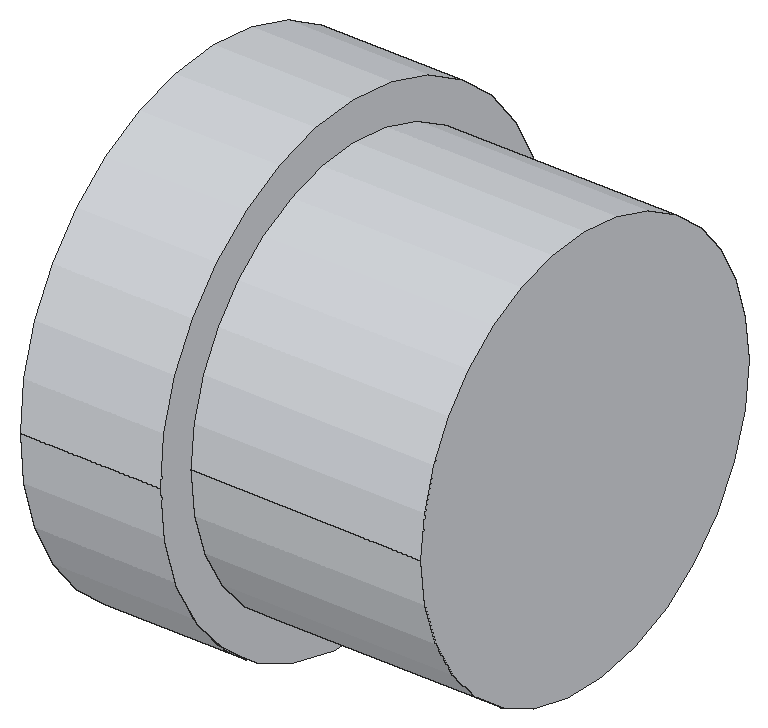
Revit family "54c01f5ca3414bd888d17873d54fe84c", category Pipe Fittings, Revit 2021
Family settings
  Round Connector Dimension = Use Radius
  Part Type = Cap
  OmniClass Number = 23.60.30.11.14
  OmniClass Title = Pipework Fittings
  Seek Item ID = Cap Flat Top - Threaded - MI - Class 150-0000-USA-ENU
  Work Plane-Based = No
  Always vertical = Yes
  Cut with Voids When Loaded = No
  Shared = No
Parameters (values of type "Standard")
  Nominal Radius [instance] = 1/16"
  Nominal Diameter [instance] = Nominal Radius * 2  # 1/8"
  Metal Thickness [instance] = size_lookup(Lookup Table Name, "MThk", 0.04 * Nominal Diameter + 11/128", Nominal Diameter)  # 0.09016"
  Loss Method = Not Defined
  Lookup Table Name = "Cap Flat Top - Threaded - MI - Class 150"
  Height [instance] = size_lookup(Lookup Table Name, "Hgt", 0.34 * Nominal Diameter + 11/16", Nominal Diameter)  # 0.5315"
  Fitting Outside Radius [instance] = Fitting Outside Diameter / 2  # 0.29291"
  Fitting Outside Diameter [instance] = Fitting Inside Diameter + Metal Thickness * 2  # 0.58583"
  Fitting Inside Diameter [instance] = size_lookup(Lookup Table Name, "FID", 1.08 * Nominal Diameter + 13/64", Nominal Diameter)  # 0.40551"
  Default Elevation = 0' - 0"
  Band Width [instance] = size_lookup(Lookup Table Name, "BWid", 0.12 * Nominal Diameter + 45/256", Nominal Diameter)  # 0.20079"
  Band Outside Radius [instance] = Band Outside Diameter / 2  # 0.34646"
  Band Outside Diameter [instance] = size_lookup(Lookup Table Name, "BOD", 1.23 * Nominal Diameter + 125/256", Nominal Diameter)  # 0.69291"
Reference planes (in)
  plane 1 "Center (Front/Back)": y = 0
  plane 2: z = 0
  plane 3 "Center (Left/Right)": x = 0
  plane 4: x = 0.5315
  plane 5: x = 0.20079
Forms (in)
  Extrusion 1, solid, detail levels fine
    sketch origin (0, 0, 0) x (0, 1, 0) y (0, 0, 1)
      loop
        circle (0, 0) r 0.34646
    from 0 to 0.20079
  Extrusion 2, solid, detail levels fine
    sketch origin (0, 0, 0) x (0, 1, 0) y (0, 0, 1)
      loop
        circle (0, 0) r 0.29291
    from 0.20079 to 0.5315
Cuts and joins
  joined: Extrusion 1, Extrusion 2
Lines and regions (in)
  model lines, detail levels coarse+medium
    curve 1: line (0, 0.34646, 0) -> (0.5315, 0.34646, 0)
    curve 2: line (0, -0.34646, 0) -> (0.5315, -0.34646, 0)
    curve 3: line (0.5315, -0.34646, 0) -> (0.5315, 0.34646, 0)
Dimensions and locks (in)
  "Height": plane 3 "Center (Left/Right)" to plane 4
  "Band Width": plane 3 "Center (Left/Right)" to plane 5
  equal spacing: curve 2, plane 1 "Center (Front/Back)", curve 1
  "Band Outside Diameter": curve 2 to curve 1
  equal spacing: curve 3, plane 1 "Center (Front/Back)", curve 3
  "Band Outside Diameter": curve 3 to curve 3
  "Band Outside Radius": radius of Extrusion 1 sketch curve
  "Fitting Outside Radius": radius of Extrusion 2 sketch curve
  aligned and locked: plane 1 "Center (Front/Back)" to Extrusion 1 sketch curve
  aligned and locked: plane 2 to Extrusion 1 sketch curve
  aligned and locked: Extrusion 1 to plane 3 "Center (Left/Right)"
  aligned and locked: plane 5 to Extrusion 1
  aligned and locked: plane 3 "Center (Left/Right)" to curve 2
  aligned and locked: plane 3 "Center (Left/Right)" to curve 1
  aligned and locked: plane 4 to curve 3
  aligned and locked: plane 2 to Extrusion 2 sketch curve
  aligned and locked: plane 1 "Center (Front/Back)" to Extrusion 2 sketch curve
  aligned and locked: Extrusion 2 to plane 5
  aligned and locked: plane 4 to Extrusion 2
Connectors (in)
  piping at (0, 0, 0), diameter 0.125, driven by "Nominal Radius"
    settings: on cut or joined group of Extrusion 1, Extrusion 2, index 1, connector inside diameter 1/8", connector length 0' - 0", flow factor 0, pipe flow 0 GPM, pressure drop 0.00 psi, fitting loss kfactor 0, connector angle 0.00°, fixture units 0, engagement length 0' - 0", angle of deflection 0.00°, flow configuration 0, flow direction 0, fitting loss method 0, system type 28, joint type 0, gender type 0, connector reference index -1, connector utility 0, adjustable connector no, is connector primary yes, connector description ""
